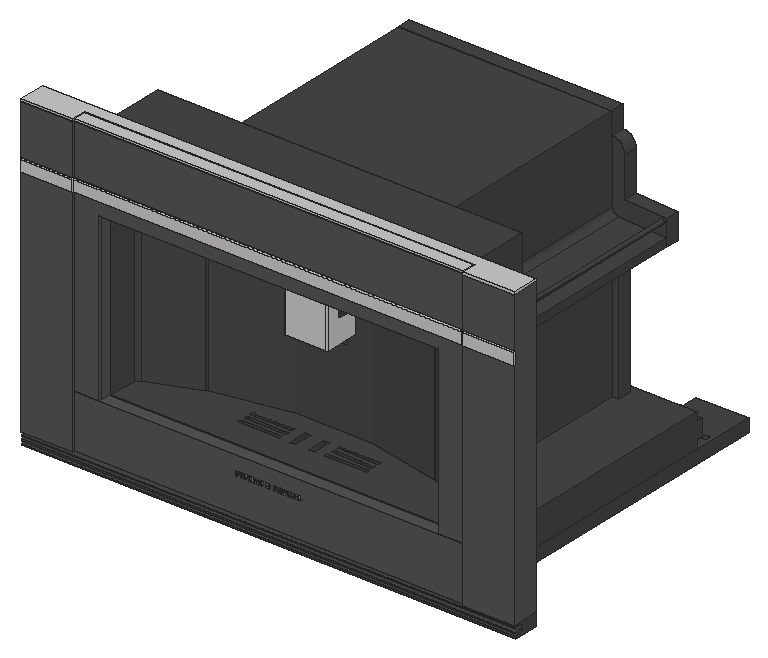
Revit family "FP_Revit_18_EB24DSXB1_TK30NDB1_Coffee_Maker_w_30in_Trimkit_90000807A", category Specialty Equipment, Revit 2018
Family settings
  Round Connector Dimension = Use Diameter
  Part Type = Normal
  OmniClass Number = 23.40.40.14.17.31
  OmniClass Title = Small Specialized Cooking Equipment
  Work Plane-Based = No
  Always vertical = Yes
  Cut with Voids When Loaded = Yes
  Shared = No
  Room Calculation Point = No
Parameters (values of type "EB24DSXB1 + TK30NDB1")
  Visibility - Clearance Required = yes
  URL = "www.fisherpaykel.com"
  Product - Width = 757 mm  # constant formula
  Product - Height = 478 mm  # constant formula
  Product - Depth = 614 mm  # constant formula
  Model = "EB24DSXB1 + TK30NDB1"
  Material - Trim = Fisher & Paykel - Stainless Steel
  Material - Glass = Fisher & Paykel - Glass, Black
  Material - Body = Fisher & Paykel - Black
  Manufacturer = "Fisher & Paykel Appliances"
  FFL Offset [instance] = 900 mm
  Description = "24\" Coffee Maker + 30\" Trimkit"
  Connector Description - Electrical = "120 V, 60 Hz, 11.25 A"
  Chassis - Width = 560 mm  # constant formula
  Chassis - Height = 446 mm  # constant formula
  Chassis - Depth = 540 mm  # constant formula
  Cavity - Width = 560 mm  # constant formula
  Cavity - Height = 480 mm  # constant formula
  Cavity - Depth = 560 mm  # constant formula
Reference planes
  plane 1 "Center (Front/Back)": y = 0
  plane 2: z = 0
  plane 3 "Center (Left/Right)": x = 0
  plane 4: z = 1380
  plane 5: z = 1378
  plane 6 "Product LHS": x = -378.5
  plane 7 "Product RHS": x = 378.5
  plane 8 "Product - Depth": y = 0
  plane 9 "Cavity LHS": x = -380
  plane 10 "Cavity RHS": x = 380
  plane 11 "Cavity - Depth": y = 560
  plane 12 "Front Face": y = -41.5
  plane 13 "Chassis - Height": z = 0
  plane 14 "Product Depth": y = 540
  plane 15 "FFL Offset": z = 900
Forms (mm)
  Extrusion 1, void
    sketch origin (0, 0, 0) x (0, 1, 0) y (0, 0, 1)
      loop
        line (-41.5, 1380) -> (-41.5, 900) -> (0, 900) -> (0, 1380) -> (-41.5, 1380)
    from -380 to 380
  Extrusion 2, void
    sketch origin (0, 0, 0) x (0, 1, 0) y (0, 0, 1)
      loop
        line (560, 1370) -> (0, 1370) -> (0, 900) -> (560, 900) -> (560, 1370)
    from -280 to 280
Text (mm)
  text "Due to ongoing product development, product details are subject to change without notice. \nPlease always refer to www.fisherpaykel.com for the most current product information. \n© Fisher & Paykel 2020" at (41.04, -413.295, 0), in view "Ref. Level (Plan)"
Dimensions and locks
  equal spacing: plane 6 "Product LHS", plane 3 "Center (Left/Right)", plane 7 "Product RHS"
  "Product - Width": plane 6 "Product LHS" to plane 7 "Product RHS"
  equal spacing: plane 9 "Cavity LHS", plane 3 "Center (Left/Right)", plane 10 "Cavity RHS"
  plane 12 "Front Face" to plane 1 "Center (Front/Back)" = 41.5 mm
  "Chassis - Depth": plane 1 "Center (Front/Back)" to plane 14 "Product Depth"
  "FFL Offset": plane 15 "FFL Offset" to level
  "Cavity - Depth": plane 1 "Center (Front/Back)" to plane 11 "Cavity - Depth"
  "Product - Height": plane 5 to plane 15 "FFL Offset"
  "Cavity - Height": plane 4 to plane 15 "FFL Offset"
  "Cavity - Width": Extrusion 2 to Extrusion 2
  locked: plane 9 "Cavity LHS" to plane 10 "Cavity RHS" at 760
  aligned and locked: level to plane 2
  aligned and locked: plane 15 "FFL Offset" to nested 2
  aligned and locked: nested 2 to plane 8 "Product - Depth"
  aligned and locked: plane 12 "Front Face" to nested 2
  aligned and locked: plane 12 "Front Face" to Extrusion 1 sketch curve
  aligned and locked: Extrusion 1 sketch curve to plane 8 "Product - Depth"
  aligned and locked: plane 15 "FFL Offset" to Extrusion 1 sketch curve
  aligned and locked: Extrusion 1 sketch curve to plane 4
  aligned and locked: Extrusion 1 to plane 10 "Cavity RHS"
  aligned and locked: plane 9 "Cavity LHS" to Extrusion 1
  aligned and locked: Extrusion 2 sketch curve to plane 8 "Product - Depth"
  aligned and locked: Extrusion 2 sketch curve to plane 15 "FFL Offset"
  aligned and locked: plane 11 "Cavity - Depth" to Extrusion 2 sketch curve
  aligned and locked: Extrusion 2 sketch curve to nested 2
Nested families
  nested 1: "FP_Revit_18_EB24DSXB1_Coffee_Maker_90000807A" at (0, -19.5, 20), FFL Offset <- "FFL Offset", type "EB24DSXB1"
    with FFL Offset 900 mm
  nested 2: "FP_Revit_18_TK30ND_Trimkits_90001187A" at (0, 0, 0), FFL Offset <- "FFL Offset", type "TK30NDB1"
    with FFL Offset 900 mm
Connectors
  electrical at (95.857, 411.31, 1063), driven by "Connector Description - Electrical"
    settings: on nested 1, index 1, voltage 120 V, apparent load 0 VA, apparent load phase1 0 VA, apparent load phase2 0 VA, apparent load phase3 0 VA, power factor 1, load classification "Other", number of poles 1, system type 30, power factor state 1, is connector primary yes, connector utility no, sub classification motor no, connector description "120 V, 60 Hz, 11.25 A"
Definition of nested family "FP_Revit_18_EB24DSXB1_Coffee_Maker_90000807A"
  Parameters (values of type "EB24DSXB1")
    Visibility - Clearance Required = yes
    URL = "www.fisherpaykel.com"
    Product - Width = 596 mm  # constant formula
    Product - Height = 458 mm  # constant formula
    Product - Depth = 480 mm  # constant formula
    Model = "EB24DSXB1"
    Material - Trim = none
    Material - Glass = none
    Material - Body = none
    Manufacturer = "Fisher & Paykel Appliances"
    FFL Offset [instance] = 860 mm
    Description = "24cm Coffee Maker"
    Connector Description - Electrical = "120 V, 60 Hz, 11.25 A"
    Chassis - Width = 560 mm  # constant formula
    Chassis - Height = 445 mm  # constant formula
    Chassis - Depth = 460 mm  # constant formula
    Cavity - Width = 600 mm  # constant formula
    Cavity - Height = 460 mm  # constant formula
    Cavity - Depth = 545 mm  # constant formula
  Types (4, lengths in mm): name | Model | Description | Connector Description - Electrical
    EB60DSXBB1 | "EB60DSXBB1" | "60cm Coffee Maker" | "220-240 V, 50 Hz, 6.1 A"
    EB60DSXB2 | "EB60DSXB2" | "60cm Coffee Maker" | "220-240 V, 50 Hz, 6.1 A"
    EB24DSXBB1 | "EB24DSXBB1" | "24cm Coffee Maker" | "120 V, 60 Hz, 11.25 A"
    EB24DSXB1 | "EB24DSXB1" | "24cm Coffee Maker" | "120 V, 60 Hz, 11.25 A"
  Reference planes
    plane 1 "Center (Front/Back)": y = 0
    plane 2: z = 0
    plane 3 "Center (Left/Right)": x = 0
    plane 4: z = 1320
    plane 5: z = 1318
    plane 6 "Product LHS": x = -298
    plane 7 "Product RHS": x = 298
    plane 8 "Cavity LHS": x = -300
    plane 9 "Cavity RHS": x = 300
    plane 10 "Cavity - Depth": y = 545
    plane 11 "Front Face": y = -20
    plane 12 "Product Depth": y = 460
    plane 13 "FFL Offset": z = 860
  Forms (mm)
    Extrusion 1, solid, material <- "Material - Glass", detail levels fine
      sketch origin (0, 0, 915) x (0, 1, 0) y (0, 0, 1)
        loop
          line (0, -54) -> (0, 400) -> (-18.19, 400)
          arc (-18.19, 400) -> (-19.179, 399.792) -> (-20, 399.202) r 2.451
          line (-20, 399.202) -> (-20, 28.9) -> (-13, 28.9) -> (-13, 27.85) -> (-20, 27.85) -> (-20, -54) -> (0, -54)
      from -298 to 298
    Extrusion 2, solid, material <- "Material - Trim", detail levels fine
      sketch origin (0, 0, 0) x (0, 1, 0) y (0, 0, 1)
        loop
          line (0, 1318) -> (-20, 1318) -> (-20, 1315) -> (0, 1315) -> (0, 1318)
      from -298 to 298
    Extrusion 3, solid, material <- "Material - Trim", detail levels fine
      sketch origin (0, 0, 915) x (0, 1, 0) y (0, 0, 1)
        loop
          line (-20, 303) -> (-20, 322.8) -> (-20.827, 322.8) -> (-21.702, 320.52) -> (-21.702, 303) -> (-20, 303)
      from -298 to 298
    Extrusion 4, solid, material <- "Material - Body"
      sketch origin (0, 0, 0) x (0, 1, 0) y (0, 0, 1)
        loop
          line (116.01, 911.9) -> (116.01, 1305) -> (0, 1305) -> (0, 860) -> (450.02, 860) -> (450.02, 872.9) -> (460, 872.9) -> (460, 898.96) -> (450.02, 898.96) -> (450.02, 911.9) -> (116.01, 911.9)
      from -280 to 280
    Extrusion 5, solid, material <- "Material - Body", detail levels fine
      sketch origin (0, 0, 915) x (1, 0, 0) y (0, 0, 1)
        loop
          circle (255.488, 264.858) r 3
        loop
          arc (187.564, 248.08) -> (180.801, 250.881) -> (178, 257.644) r 9.564
          line (178, 257.644) -> (178, 390) -> (-150, 390) -> (-150, 258.403)
          arc (-150, 258.403) -> (-152.821, 251.442) -> (-159.691, 248.408) r 10
          line (-159.691, 248.408) -> (-261.967, 245.247) -> (-261.967, 232.285) -> (-159.605, 228.24)
          arc (-159.605, 228.24) -> (-152.791, 225.178) -> (-150, 218.248) r 10
          line (-150, 218.248) -> (-150, -3.1) -> (178, -3.1) -> (178, 219.061)
          arc (178, 219.061) -> (180.801, 225.824) -> (187.564, 228.625) r 9.564
          line (187.564, 228.625) -> (261.48, 231.852) -> (261.48, 244.856) -> (187.564, 248.08)
        loop
          circle (-255.488, 265.27) r 3
      from -415.81 to -116.01
    Extrusion 6, solid, material <- "Material - Body", detail levels fine
      sketch origin (0, 0, 0) x (1, 0, 0) y (0, 0, 1)
        loop
          line (261.48, 1185.549) -> (197.977, 1189.414) -> (197.977, 1250.8)
          arc (197.977, 1250.8) -> (192.126, 1264.926) -> (178, 1270.777) r 19.977
          line (178, 1270.777) -> (178, 1305) -> (-150.023, 1305) -> (-150.023, 1270.366)
          arc (-150.023, 1270.366) -> (-164.149, 1264.514) -> (-170, 1250.389) r 19.977
          line (-170, 1250.389) -> (-170, 1189.558) -> (-261.967, 1185.943) -> (-261.967, 1147.299) -> (-170, 1143.699) -> (-170, 860) -> (-120, 860) -> (-120, 1262.538) -> (145.224, 1262.538) -> (145.224, 911.9) -> (188.072, 911.9) -> (188.072, 1143.699) -> (261.48, 1146.905) -> (261.48, 1185.549)
      from -436.81 to -415.81
    Extrusion 7, void
      sketch origin (0, 0, 0) x (1, 0, 0) y (0, 1, 0)
        loop
          line (-261, -20.25) -> (261, -20.25) -> (261, -16.15) -> (258.097, 43.307)
          arc (258.097, 43.307) -> (256.532, 47.844) -> (252.912, 50.994) r 9.287
          arc (252.912, 50.994) -> (215.2, 66.982) -> (176.484, 80.359) r 600.007
          line (176.484, 80.359) -> (176.484, 87.818) -> (173.853, 87.818) -> (173.853, 81.162)
          arc (173.853, 81.162) -> (0, 106.902) -> (-173.853, 81.162) r 600.007
          line (-173.853, 81.162) -> (-173.853, 87.818) -> (-176.484, 87.818) -> (-176.484, 80.359)
          arc (-176.484, 80.359) -> (-215.2, 66.982) -> (-252.912, 50.994) r 600.007
          arc (-252.912, 50.994) -> (-256.532, 47.844) -> (-258.097, 43.307) r 9.287
          line (-258.097, 43.307) -> (-261, -16.15) -> (-261, -20.25)
      from 942.8 to 1197.8
    Extrusion 8, void
      sketch origin (0, 0, 0) x (1, 0, 0) y (0, 1, 0)
        loop
          arc (-96.162, 73.7) -> (-99.162, 70.7) -> (-96.162, 67.7) r 3
          line (-96.162, 67.7) -> (-36.788, 67.7)
          arc (-36.788, 67.7) -> (-33.788, 70.7) -> (-36.788, 73.7) r 3
          line (-36.788, 73.7) -> (-96.162, 73.7)
        loop
          arc (-96.162, 61.7) -> (-99.162, 58.7) -> (-96.162, 55.7) r 3
          line (-96.162, 55.7) -> (-36.788, 55.7)
          arc (-36.788, 55.7) -> (-33.788, 58.7) -> (-36.788, 61.7) r 3
          line (-36.788, 61.7) -> (-96.162, 61.7)
        loop
          arc (-96.162, 49.7) -> (-99.162, 46.7) -> (-96.162, 43.7) r 3
          line (-96.162, 43.7) -> (-36.788, 43.7)
          arc (-36.788, 43.7) -> (-33.788, 46.7) -> (-36.788, 49.7) r 3
          line (-36.788, 49.7) -> (-96.162, 49.7)
        loop
          line (-19.49, 73.102) -> (-19.49, 44.102) -> (-10.49, 44.102) -> (-10.49, 73.102) -> (-19.49, 73.102)
        loop
          line (96.162, 73.7) -> (36.788, 73.7)
          arc (36.788, 73.7) -> (33.788, 70.7) -> (36.788, 67.7) r 3
          line (36.788, 67.7) -> (96.162, 67.7)
          arc (96.162, 67.7) -> (99.162, 70.7) -> (96.162, 73.7) r 3
        loop
          line (96.162, 61.7) -> (36.788, 61.7)
          arc (36.788, 61.7) -> (33.788, 58.7) -> (36.788, 55.7) r 3
          line (36.788, 55.7) -> (96.162, 55.7)
          arc (96.162, 55.7) -> (99.162, 58.7) -> (96.162, 61.7) r 3
        loop
          line (96.162, 49.7) -> (36.788, 49.7)
          arc (36.788, 49.7) -> (33.788, 46.7) -> (36.788, 43.7) r 3
          line (36.788, 43.7) -> (96.162, 43.7)
          arc (96.162, 43.7) -> (99.162, 46.7) -> (96.162, 49.7) r 3
        loop
          line (19.49, 73.102) -> (10.49, 73.102) -> (10.49, 44.102) -> (19.49, 44.102) -> (19.49, 73.102)
      from 932.9 to 942.8
    Extrusion 9, solid, material <- "Material - Body"
      sketch origin (0, 0, 0) x (1, 0, 0) y (0, 1, 0)
        loop
          line (-238.877, 57.3) -> (238.036, 57.3) -> (238.036, 116.01) -> (-238.877, 116.01) -> (-238.877, 57.3)
      from 1171.8 to 1197.8
    Extrusion 10, solid, material <- "Material - Trim"
      sketch origin (0, 0, 0) x (1, 0, 0) y (0, 1, 0)
        loop
          line (-33, 105.99) -> (-33, 52.807)
          arc (-33, 52.807) -> (-32.412, 51.388) -> (-30.993, 50.8) r 2.007
          line (-30.993, 50.8) -> (31, 50.8)
          arc (31, 50.8) -> (32.414, 51.386) -> (33, 52.8) r 2
          line (33, 52.8) -> (33, 105.99) -> (-33, 105.99)
      from 1083.8 to 1183.5
    Extrusion 11, void
      sketch origin (0, 0, 0) x (1, 0, 0) y (0, 0, 1)
        loop
          line (-19.5, 1083.8) -> (-19.5, 1061.827) -> (19.5, 1061.827) -> (19.5, 1083.8) -> (-19.5, 1083.8)
      from -115 to -105
    Extrusion 12, solid, material <- "Material - Body", detail levels fine
      sketch origin (0, 0, 0) x (1, 0, 0) y (0, 0, 1)
        loop
          line (45.9, 1172.885) -> (45.9, 1163.535) -> (47.549, 1163.535) -> (47.549, 1147.911)
          arc (47.549, 1147.911) -> (55.35, 1140.11) -> (63.15, 1147.911) r 7.801
          line (63.15, 1147.911) -> (63.15, 1163.235) -> (73.436, 1163.235) -> (73.436, 1172.885) -> (45.9, 1172.885)
      from -106.934 to -61.01
    Extrusion 13, solid, material <- "Material - Body", detail levels fine
      sketch origin (0, 0, 915) x (1, 0, 0) y (0, 0, 1)
        loop
          line (53.653, 257.885) -> (53.653, 225.297)
          arc (53.653, 225.297) -> (55.35, 225.11) -> (57.047, 225.297) r 7.805
          line (57.047, 225.297) -> (57.047, 257.885) -> (53.653, 257.885)
      from -61.01 to -47.51
    Extrusion 14, solid, material <- "Material - Body", detail levels fine
      sketch origin (0, 0, 915) x (1, 0, 0) y (0, 0, 1)
        loop
          line (115.224, 76.056) -> (75.224, 76.056) -> (75.224, 21.056) -> (115.224, 21.056) -> (115.224, 76.056)
      from -417 to -415.81
    Extrusion 15, solid, material <- "Material - Body", detail levels fine
      sketch origin (0, 0, 915) x (1, 0, 0) y (0, 0, 1)
        loop
          line (107.224, 68.056) -> (83.224, 68.056) -> (83.224, 29.056) -> (107.224, 29.056) -> (107.224, 68.056)
      from -436.81 to -417
    Extrusion 16, solid, material <- "Material - Body", detail levels fine
      sketch origin (0, 0, 0) x (1, 0, 0) y (0, 1, 0)
        loop
          circle (95.857, 430.81) r 5
      from 983.056 to 1003
    Extrusion 17, void
      sketch origin (0, 0, 915) x (0, 1, 0) y (0, 0, 1)
        loop
          line (445.9, -19.903) -> (0, -19.903) -> (0, -55) -> (445.9, -55) -> (445.9, -19.903)
      from -54 to 54
    Extrusion 18, solid, detail levels fine
      sketch origin (0, 0, 0) x (1, 0, 0) y (0, 1, 0)
        loop
          line (-210.55, 31.63) -> (-210.55, 5.8) -> (-193.27, 5.8) -> (-193.27, 31.63) -> (-210.55, 31.63)
        loop
          line (-203.25, 13.924) -> (-203.25, 14.725)
          arc (-203.25, 14.725) -> (-201.75, 22.856) -> (-200.25, 14.725) r 4.204
          line (-200.25, 14.725) -> (-200.25, 13.924)
          arc (-200.25, 13.924) -> (-201.75, 23.687) -> (-203.25, 13.924) r 4.997
        loop
          line (-202.15, 17.61) -> (-202.15, 12.8) -> (-201.35, 12.8) -> (-201.35, 17.61) -> (-202.15, 17.61)
      from 1196.9 to 1197.8
    Extrusion 19, solid, visible <- "Visibility - Clearance Required", detail levels coarse
      sketch origin (0, 0, 0) x (1, 0, 0) y (0, 1, 0)
        loop
          line (-300, 0) -> (-300, -20) -> (300, -20) -> (300, 0) -> (-300, 0)
      from 860 to 1320
    Extrusion 20, solid, visible <- "Visibility - Clearance Required", detail levels coarse
      sketch origin (0, 0, 0) x (1, 0, 0) y (0, 1, 0)
        loop
          line (-280, 0) -> (280, 0) -> (280, 545) -> (-280, 545) -> (-280, 0)
      from 860 to 1310
    Extrusion 21, solid, material <- "Material - Body", detail levels coarse+medium
      sketch origin (0, -20, 915) x (-1, 0, 0) y (0, 0, 1)
        loop
          line (-197.977, 274.414) -> (-261.48, 274.414) -> (-261.48, 228.699) -> (-188.072, 228.699) -> (-188.072, -3.1) -> (170, -3.1) -> (170, 228.699) -> (261.967, 228.699) -> (261.967, 274.558) -> (170, 274.558) -> (170, 390.05) -> (-197.977, 390.05) -> (-197.977, 274.414)
      from 136.01 to 456.81
    Extrusion 22, solid, material <- "Material - Glass", detail levels coarse+medium
      sketch origin (0, 0, 915) x (1, 0, 0) y (0, 0, 1)
        loop
          line (-298, -54) -> (298, -54) -> (298, 403) -> (-298, 403) -> (-298, -54)
        loop
          line (261, 282.85) -> (-261, 282.85) -> (-261, 27.85) -> (261, 27.85) -> (261, 282.85)
      from 0 to 20
    Extrusion 23, void
      sketch origin (0, 0, 0) x (1, 0, 0) y (0, 1, 0)
        loop
          line (-280, 545) -> (-280, 0) -> (280, 0) -> (280, 545) -> (-280, 545)
      from 860 to 1310
    Extrusion 24, void
      sketch origin (0, 0, 0) x (1, 0, 0) y (0, 1, 0)
        loop
          line (-300, 0) -> (-300, -20) -> (300, -20) -> (300, 0) -> (-300, 0)
      from 860 to 1320
  Cuts and joins
    Extrusion 7 cuts Extrusion 1
    Extrusion 7, Extrusion 8, Extrusion 11, Extrusion 17 cuts Extrusion 4
    joined: Extrusion 4, Extrusion 9
  Lines and regions (mm)
    model lines, detail levels medium+fine
      curve 1: line (-47, -20, 1293.952) -> (47, -20, 1293.952)
      curve 2: line (-47, -20, 1240.952) -> (-47, -20, 1293.952)
      curve 3: line (47, -20, 1240.952) -> (-47, -20, 1240.952)
      curve 4: line (47, -20, 1293.952) -> (47, -20, 1240.952)
  Text (mm)
    text "Due to ongoing product development, product details are subject to change without notice. \nPlease always refer to www.fisherpaykel.com for the most current product information. \n© Fisher & Paykel 2020" at (41.04, -248.295, 0), in view "Ref. Level (Plan)"
  Dimensions and locks
    equal spacing: plane 6 "Product LHS", plane 3 "Center (Left/Right)", plane 7 "Product RHS"
    "Product - Width": plane 6 "Product LHS" to plane 7 "Product RHS"
    equal spacing: plane 8 "Cavity LHS", plane 3 "Center (Left/Right)", plane 9 "Cavity RHS"
    "Cavity - Width": plane 8 "Cavity LHS" to plane 9 "Cavity RHS"
    "Cavity - Depth": plane 10 "Cavity - Depth" to plane 1 "Center (Front/Back)"
    plane 11 "Front Face" to plane 1 "Center (Front/Back)" = 20 mm
    "Chassis - Depth": plane 1 "Center (Front/Back)" to plane 12 "Product Depth"
    "Product - Depth": plane 12 "Product Depth" to plane 11 "Front Face"
    "Chassis - Width": cut or joined group of Extrusion 4, Extrusion 7, Extrusion 8, Extrusion 9, Extrusion 11, Extrusion 17 to cut or joined group of Extrusion 4, Extrusion 7, Extrusion 8, Extrusion 9, Extrusion 11, Extrusion 17
    "FFL Offset": plane 13 "FFL Offset" to level
    "Chassis - Height": cut or joined group of Extrusion 4, Extrusion 7, Extrusion 8, Extrusion 9, Extrusion 11, Extrusion 17 to plane 13 "FFL Offset"
    "Product - Height": plane 5 to plane 13 "FFL Offset"
    "Cavity - Height": plane 4 to plane 13 "FFL Offset"
    locked: Extrusion 23 to plane 13 "FFL Offset" at 450
    locked: plane 5 to Extrusion 21 at 12.95
    locked: Extrusion 3 to plane 13 "FFL Offset" at 358
    locked: plane 13 "FFL Offset" to cut or joined group of Extrusion 1, Extrusion 7 at 1
    locked: plane 13 "FFL Offset" to cut or joined group of Extrusion 4, Extrusion 7, Extrusion 8, Extrusion 9, Extrusion 11, Extrusion 17 at 82.8
    locked: plane 13 "FFL Offset" to Extrusion 22 sketch curve at 337.85
    locked: cut or joined group of Extrusion 4, Extrusion 7, Extrusion 8, Extrusion 9, Extrusion 11, Extrusion 17 to plane 13 "FFL Offset" at 337.8
    locked: cut or joined group of Extrusion 4, Extrusion 7, Extrusion 8, Extrusion 9, Extrusion 11, Extrusion 17 to plane 13 "FFL Offset" at 51.9
    locked: plane 5 to Extrusion 3 at 100
    locked: plane 5 to Extrusion 22 at 120.15
    locked: plane 5 to Extrusion 22 at 375.15
    locked: Extrusion 16 to plane 13 "FFL Offset" at 143
    locked: cut or joined group of Extrusion 4, Extrusion 7, Extrusion 8, Extrusion 9, Extrusion 11, Extrusion 17 to cut or joined group of Extrusion 4, Extrusion 7, Extrusion 8, Extrusion 9, Extrusion 11, Extrusion 17 at 9.9
    locked: nested 1 to plane 13 "FFL Offset" at 61.04
    locked: Extrusion 10 to plane 13 "FFL Offset" at 323.5
    locked: Extrusion 10 to plane 13 "FFL Offset" at 223.8
    locked: cut or joined group of Extrusion 4, Extrusion 7, Extrusion 8, Extrusion 9, Extrusion 11, Extrusion 17 to plane 13 "FFL Offset" at 201.827
    locked: cut or joined group of Extrusion 4, Extrusion 7, Extrusion 8, Extrusion 9, Extrusion 11, Extrusion 17 to plane 13 "FFL Offset" at 311.8
    locked: Extrusion 12 to plane 13 "FFL Offset" at 312.885
    locked: Extrusion 22 to Extrusion 18 at 0.95
    locked: plane 5 to Extrusion 23 at 8
    locked: Extrusion 17 sketch curve to plane 13 "FFL Offset" at 35.097
    plane 5 to curve 3 = 77.048 mm
    locked: plane 5 to curve 1 at 24.048
    locked: Extrusion 15 to plane 13 "FFL Offset" at 84.056
    locked: Extrusion 15 to plane 13 "FFL Offset" at 123.056
    locked: plane 5 to curve 3 at 77.048
    aligned and locked: level to plane 2
    aligned and locked: Extrusion 3 to plane 7 "Product RHS"
    aligned and locked: plane 6 "Product LHS" to Extrusion 3
    aligned and locked: Extrusion 2 to plane 7 "Product RHS"
    aligned and locked: plane 6 "Product LHS" to Extrusion 2
    aligned and locked: plane 6 "Product LHS" to Extrusion 1
    aligned and locked: Extrusion 1 to plane 7 "Product RHS"
    aligned and locked: plane 9 "Cavity RHS" to Extrusion 19 sketch curve
    aligned and locked: Extrusion 19 sketch curve to plane 8 "Cavity LHS"
    aligned and locked: plane 1 "Center (Front/Back)" to Extrusion 19 sketch curve
    aligned and locked: Extrusion 5 to cut or joined group of Extrusion 4, Extrusion 7, Extrusion 8, Extrusion 9, Extrusion 11, Extrusion 17
    aligned and locked: Extrusion 5 to Extrusion 4
    aligned and locked: Extrusion 6 to Extrusion 5
    aligned and locked: plane 4 to Extrusion 24
    aligned and locked: plane 5 to Extrusion 2
    aligned and locked: Extrusion 24 to Extrusion 19
    aligned and locked: plane 5 to Extrusion 22 sketch curve
    aligned and locked: Extrusion 21 to Extrusion 5
    aligned and locked: Extrusion 5 to Extrusion 6
    aligned and locked: Extrusion 8 to Extrusion 7
    aligned and locked: Extrusion 11 to Extrusion 10
    aligned and locked: cut or joined group of Extrusion 1, Extrusion 7 to Extrusion 18
    aligned and locked: Extrusion 19 to Extrusion 17
    aligned and locked: plane 13 "FFL Offset" to Extrusion 4 sketch curve
    aligned and locked: Extrusion 4 to Extrusion 17
    aligned and locked: Extrusion 23 to cut or joined group of Extrusion 4, Extrusion 7, Extrusion 8, Extrusion 9, Extrusion 11, Extrusion 17
    aligned and locked: cut or joined group of Extrusion 4, Extrusion 7, Extrusion 8, Extrusion 9, Extrusion 11, Extrusion 17 to Extrusion 6
    aligned and locked: Extrusion 24 to cut or joined group of Extrusion 4, Extrusion 7, Extrusion 8, Extrusion 9, Extrusion 11, Extrusion 17
    aligned and locked: Extrusion 20 to Extrusion 23
    aligned and locked: Extrusion 20 to Extrusion 6
    aligned and locked: Extrusion 7 to Extrusion 9
    aligned and locked: Extrusion 16 to Extrusion 15
  Automatic sketch dimensions
    Extrusion 3 sketch curve to Extrusion 3 sketch curve = 17.52 mm
    Extrusion 3 sketch curve to Extrusion 3 sketch curve = 0.875 mm
    Extrusion 3 sketch curve to Extrusion 3 sketch curve = 0.827 mm
    Extrusion 3 sketch curve to Extrusion 3 sketch curve = 2.28 mm
    Extrusion 7 sketch curve to Extrusion 7 sketch curve = 0 mm  (x4)
    Extrusion 7 sketch curve to plane 3 "Center (Left/Right)" = 0 mm
    Extrusion 7 sketch curve to plane 6 "Product LHS" = 124.147 mm
    Extrusion 7 sketch curve to Extrusion 7 sketch curve = 2.63 mm  (x2)
    Extrusion 7 sketch curve to plane 6 "Product LHS" = 49.167 mm
    Extrusion 7 sketch curve to Extrusion 7 sketch curve = 9.264 mm  (x2)
    Extrusion 7 sketch curve to plane 6 "Product LHS" = 37 mm
    plane 7 "Product RHS" to Extrusion 7 sketch curve = 124.147 mm
    plane 7 "Product RHS" to Extrusion 7 sketch curve = 49.167 mm
    plane 1 "Center (Front/Back)" to Extrusion 7 sketch curve = 16.15 mm
    plane 7 "Product RHS" to Extrusion 7 sketch curve = 37 mm
    plane 1 "Center (Front/Back)" to Extrusion 7 sketch curve = 493.105 mm
    Extrusion 7 sketch curve to plane 1 "Center (Front/Back)" = 42.65 mm  (x2)
    Extrusion 7 sketch curve to Extrusion 7 sketch curve = 0.657 mm  (x2)
    Extrusion 7 sketch curve to plane 1 "Center (Front/Back)" = 80.359 mm  (x2)
    Extrusion 7 sketch curve to Extrusion 7 sketch curve = 0.803 mm
    Extrusion 7 sketch curve to Extrusion 7 sketch curve = 6.656 mm  (x2)
    Extrusion 7 sketch curve to Extrusion 7 sketch curve = 4.1 mm  (x2)
    Extrusion 8 sketch curve to plane 3 "Center (Left/Right)" = 96.162 mm
    Extrusion 8 sketch curve to Extrusion 8 sketch curve = 0 mm  (x9)
    Extrusion 8 sketch curve to plane 3 "Center (Left/Right)" = 36.788 mm
    Extrusion 8 sketch curve to Extrusion 8 sketch curve = 17.298 mm  (x3)
    Extrusion 8 sketch curve to Extrusion 8 sketch curve = 9 mm  (x2)
    plane 3 "Center (Left/Right)" to Extrusion 8 sketch curve = 10.49 mm
    Extrusion 8 sketch curve to Extrusion 8 sketch curve = 59.375 mm
    Extrusion 8 sketch curve to plane 1 "Center (Front/Back)" = 43.7 mm  (x2)
    Extrusion 8 sketch curve to Extrusion 8 sketch curve = 0.402 mm
    Extrusion 8 sketch curve to Extrusion 8 sketch curve = 3 mm  (x6)
    Extrusion 8 sketch curve to Extrusion 8 sketch curve = 6 mm  (x4)
    Extrusion 8 sketch curve to Extrusion 8 sketch curve = 0.598 mm
    Extrusion 10 sketch curve to Extrusion 10 sketch curve = 2.007 mm
    Extrusion 10 sketch curve to Extrusion 10 sketch curve = 53.19 mm
    Extrusion 11 sketch curve to plane 3 "Center (Left/Right)" = 19.5 mm
    plane 3 "Center (Left/Right)" to Extrusion 11 sketch curve = 19.5 mm
    level to Extrusion 11 sketch curve = 1061.827 mm
    Extrusion 11 sketch curve to Extrusion 11 sketch curve = 21.973 mm
    Extrusion 12 sketch curve to Extrusion 12 sketch curve = 1.649 mm
    Extrusion 12 sketch curve to Extrusion 12 sketch curve = 7.801 mm
    Extrusion 12 sketch curve to Extrusion 12 sketch curve = 10.286 mm
    Extrusion 12 sketch curve to Extrusion 12 sketch curve = 15.324 mm
    Extrusion 12 sketch curve to Extrusion 12 sketch curve = 0.3 mm
    Extrusion 12 sketch curve to Extrusion 12 sketch curve = 9.35 mm
    Extrusion 13 sketch curve to Extrusion 13 sketch curve = 1.697 mm
    Extrusion 13 sketch curve to Extrusion 13 sketch curve = 7.618 mm
    Extrusion 13 sketch curve to Extrusion 13 sketch curve = 24.97 mm
    Extrusion 13 sketch curve to Extrusion 13 sketch curve = 3.394 mm
    Extrusion 14 sketch curve to Extrusion 14 sketch curve = 40 mm
    Extrusion 14 sketch curve to Extrusion 14 sketch curve = 55 mm
    Extrusion 15 sketch curve to Extrusion 15 sketch curve = 24 mm
    Extrusion 15 sketch curve to Extrusion 15 sketch curve = 39 mm
    level to Extrusion 17 sketch curve = 860 mm
    Extrusion 17 sketch curve to plane 1 "Center (Front/Back)" = 0 mm
    Extrusion 18 sketch curve to Extrusion 18 sketch curve = 7.3 mm
    Extrusion 18 sketch curve to Extrusion 18 sketch curve = 1.1 mm  (x2)
    Extrusion 18 sketch curve to Extrusion 18 sketch curve = 0.4 mm
    Extrusion 18 sketch curve to Extrusion 18 sketch curve = 0 mm
    Extrusion 18 sketch curve to Extrusion 18 sketch curve = 0.8 mm
    Extrusion 18 sketch curve to Extrusion 18 sketch curve = 8.08 mm
    Extrusion 18 sketch curve to Extrusion 18 sketch curve = 7 mm
    Extrusion 18 sketch curve to Extrusion 18 sketch curve = 1.124 mm
    Extrusion 18 sketch curve to Extrusion 18 sketch curve = 0.801 mm
    Extrusion 18 sketch curve to Extrusion 18 sketch curve = 2.885 mm
    Extrusion 18 sketch curve to Extrusion 18 sketch curve = 1.042 mm
    Extrusion 18 sketch curve to Extrusion 18 sketch curve = 0.038 mm
    Extrusion 18 sketch curve to Extrusion 18 sketch curve = 12.94 mm
    Extrusion 9 sketch curve to plane 6 "Product LHS" = 59.123 mm
    Extrusion 9 sketch curve to plane 1 "Center (Front/Back)" = 57.3 mm
    plane 7 "Product RHS" to Extrusion 9 sketch curve = 59.964 mm
    Extrusion 9 sketch curve to Extrusion 9 sketch curve = 58.71 mm
    plane 1 "Center (Front/Back)" to Extrusion 19 sketch curve = 20 mm
    Extrusion 17 sketch curve to plane 10 "Cavity - Depth" = 99.1 mm
    Extrusion 6 sketch curve to plane 6 "Product LHS" = 36.033 mm
    level to Extrusion 6 sketch curve = 860 mm
    Extrusion 6 sketch curve to plane 6 "Product LHS" = 128 mm
    Extrusion 6 sketch curve to Extrusion 6 sketch curve = 0 mm
    Extrusion 6 sketch curve to Extrusion 6 sketch curve = 19.977 mm
    Extrusion 6 sketch curve to Extrusion 6 sketch curve = 30.023 mm
    level to Extrusion 6 sketch curve = 911.9 mm
    plane 3 "Center (Left/Right)" to Extrusion 6 sketch curve = 145.224 mm
    Extrusion 6 sketch curve to plane 5 = 13 mm
    Extrusion 6 sketch curve to Extrusion 6 sketch curve = 32.776 mm
    Extrusion 6 sketch curve to Extrusion 6 sketch curve = 10.072 mm
    Extrusion 6 sketch curve to Extrusion 6 sketch curve = 9.905 mm
    plane 7 "Product RHS" to Extrusion 6 sketch curve = 36.52 mm
    Extrusion 6 sketch curve to Extrusion 6 sketch curve = 161.301 mm  (x2)
    Extrusion 6 sketch curve to Extrusion 6 sketch curve = 3.205 mm
    Extrusion 6 sketch curve to Extrusion 6 sketch curve = 3.6 mm
    Extrusion 6 sketch curve to Extrusion 6 sketch curve = 38.645 mm
    Extrusion 6 sketch curve to Extrusion 6 sketch curve = 38.644 mm
    Extrusion 6 sketch curve to Extrusion 6 sketch curve = 45.715 mm
    Extrusion 6 sketch curve to Extrusion 6 sketch curve = 45.858 mm
    Extrusion 6 sketch curve to Extrusion 6 sketch curve = 54.611 mm
    Extrusion 6 sketch curve to Extrusion 6 sketch curve = 54.2 mm
    Extrusion 6 sketch curve to Extrusion 6 sketch curve = 7.828 mm
    Extrusion 5 sketch curve to plane 6 "Product LHS" = 36.033 mm
    Extrusion 5 sketch curve to Extrusion 5 sketch curve = 6.478 mm
    Extrusion 5 sketch curve to Extrusion 5 sketch curve = 95.488 mm
    Extrusion 5 sketch curve to Extrusion 5 sketch curve = 0.309 mm  (x2)
    Extrusion 5 sketch curve to Extrusion 5 sketch curve = 0.395 mm
    Extrusion 5 sketch curve to Extrusion 5 sketch curve = 10 mm  (x2)
    plane 7 "Product RHS" to Extrusion 5 sketch curve = 120 mm  (x2)
    Extrusion 5 sketch curve to plane 5 = 13 mm
    Extrusion 5 sketch curve to Extrusion 5 sketch curve = 9.564 mm  (x2)
    plane 7 "Product RHS" to Extrusion 5 sketch curve = 42.512 mm
    Extrusion 5 sketch curve to Extrusion 5 sketch curve = 5.992 mm
    Extrusion 5 sketch curve to Extrusion 5 sketch curve = 171.752 mm
    Extrusion 5 sketch curve to Extrusion 5 sketch curve = 170.939 mm
    Extrusion 5 sketch curve to Extrusion 5 sketch curve = 3.227 mm
    Extrusion 5 sketch curve to Extrusion 5 sketch curve = 4.045 mm
    Extrusion 5 sketch curve to Extrusion 5 sketch curve = 13.004 mm
    Extrusion 5 sketch curve to Extrusion 5 sketch curve = 12.962 mm
    Extrusion 5 sketch curve to Extrusion 5 sketch curve = 20.168 mm
    Extrusion 5 sketch curve to Extrusion 5 sketch curve = 19.455 mm
    Extrusion 5 sketch curve to Extrusion 5 sketch curve = 20.001 mm
    Extrusion 5 sketch curve to Extrusion 5 sketch curve = 20.023 mm
    Extrusion 20 sketch curve to plane 10 "Cavity - Depth" = 0 mm
    plane 1 "Center (Front/Back)" to Extrusion 20 sketch curve = 0 mm
    Extrusion 20 sketch curve to plane 6 "Product LHS" = 18 mm
    plane 7 "Product RHS" to Extrusion 20 sketch curve = 18 mm
    level to Extrusion 5 sketch curve = 911.9 mm
    Extrusion 21 sketch curve to plane 5 = 12.95 mm
    plane 7 "Product RHS" to Extrusion 21 sketch curve = 100.023 mm
    Extrusion 21 sketch curve to Extrusion 21 sketch curve = 9.905 mm
    level to Extrusion 21 sketch curve = 911.9 mm
    Extrusion 21 sketch curve to plane 6 "Product LHS" = 128 mm  (x2)
    Extrusion 21 sketch curve to plane 6 "Product LHS" = 36.033 mm
    Extrusion 21 sketch curve to Extrusion 21 sketch curve = 161.351 mm  (x2)
    Extrusion 21 sketch curve to Extrusion 21 sketch curve = 45.858 mm
    plane 7 "Product RHS" to Extrusion 21 sketch curve = 36.52 mm
    Extrusion 21 sketch curve to Extrusion 21 sketch curve = 45.715 mm
    Extrusion 1 sketch curve to plane 11 "Front Face" = 0 mm  (x2)
    Extrusion 1 sketch curve to plane 1 "Center (Front/Back)" = 0 mm
    plane 11 "Front Face" to Extrusion 1 sketch curve = 1.81 mm
    plane 11 "Front Face" to Extrusion 1 sketch curve = 7 mm
    level to Extrusion 1 sketch curve = 861 mm
    Extrusion 1 sketch curve to Extrusion 1 sketch curve = 81.85 mm
    Extrusion 1 sketch curve to Extrusion 1 sketch curve = 1.05 mm
    Extrusion 1 sketch curve to plane 5 = 3 mm
    Extrusion 1 sketch curve to Extrusion 1 sketch curve = 2.451 mm
    Extrusion 23 sketch curve to plane 1 "Center (Front/Back)" = 0 mm
    plane 10 "Cavity - Depth" to Extrusion 23 sketch curve = 0 mm
    Extrusion 23 sketch curve to plane 6 "Product LHS" = 18 mm
    plane 7 "Product RHS" to Extrusion 23 sketch curve = 18 mm
    Extrusion 24 sketch curve to plane 8 "Cavity LHS" = 0 mm
    Extrusion 24 sketch curve to plane 9 "Cavity RHS" = 0 mm
    Extrusion 24 sketch curve to plane 1 "Center (Front/Back)" = 0 mm
    Extrusion 24 sketch curve to plane 11 "Front Face" = 0 mm
    Extrusion 2 sketch curve to plane 11 "Front Face" = 0 mm
    Extrusion 2 sketch curve to plane 1 "Center (Front/Back)" = 0 mm
    plane 13 "FFL Offset" to Extrusion 2 sketch curve = 455 mm
    Extrusion 2 sketch curve to Extrusion 2 sketch curve = 3 mm
    Extrusion 10 sketch curve to Extrusion 10 sketch curve = 61.993 mm
    Extrusion 10 sketch curve to Extrusion 10 sketch curve = 2 mm
    plane 6 "Product LHS" to Extrusion 22 sketch curve = 0 mm
    plane 7 "Product RHS" to Extrusion 22 sketch curve = 0 mm
    Extrusion 22 sketch curve to plane 6 "Product LHS" = 37 mm
    plane 7 "Product RHS" to Extrusion 22 sketch curve = 37 mm
    plane 13 "FFL Offset" to Extrusion 22 sketch curve = 82.85 mm
    plane 13 "FFL Offset" to Extrusion 22 sketch curve = 1 mm
    Extrusion 3 sketch curve to plane 11 "Front Face" = 0 mm
    Extrusion 3 sketch curve to plane 5 = 100 mm
    Extrusion 10 sketch curve to plane 3 "Center (Left/Right)" = 33 mm
    Extrusion 10 sketch curve to plane 1 "Center (Front/Back)" = 50.8 mm
    plane 3 "Center (Left/Right)" to Extrusion 12 sketch curve = 45.9 mm
    Extrusion 12 sketch curve to plane 5 = 170.089 mm
    plane 3 "Center (Left/Right)" to Extrusion 13 sketch curve = 53.653 mm
    Extrusion 13 sketch curve to plane 5 = 177.703 mm
    plane 3 "Center (Left/Right)" to Extrusion 14 sketch curve = 75.224 mm
    plane 13 "FFL Offset" to Extrusion 14 sketch curve = 76.056 mm
    plane 3 "Center (Left/Right)" to Extrusion 15 sketch curve = 83.224 mm
    plane 13 "FFL Offset" to Extrusion 15 sketch curve = 84.056 mm
    Extrusion 16 sketch curve to plane 12 "Product Depth" = 29.19 mm
    plane 3 "Center (Left/Right)" to Extrusion 16 sketch curve = 95.857 mm
    Extrusion 18 sketch curve to plane 1 "Center (Front/Back)" = 5.8 mm
    Extrusion 18 sketch curve to plane 6 "Product LHS" = 87.45 mm
    Extrusion 4 sketch curve to plane 1 "Center (Front/Back)" = 0 mm
    Extrusion 4 sketch curve to plane 12 "Product Depth" = 0 mm
    Extrusion 4 sketch curve to plane 5 = 13 mm
    Extrusion 4 sketch curve to plane 1 "Center (Front/Back)" = 116.01 mm
    Extrusion 4 sketch curve to plane 12 "Product Depth" = 9.98 mm
    Extrusion 4 sketch curve to Extrusion 4 sketch curve = 9.98 mm
    plane 13 "FFL Offset" to Extrusion 4 sketch curve = 12.9 mm
    Extrusion 4 sketch curve to Extrusion 4 sketch curve = 26.06 mm
    plane 13 "FFL Offset" to Extrusion 4 sketch curve = 51.9 mm
    plane 3 "Center (Left/Right)" to curve 1 = 47 mm
    curve 3 to plane 3 "Center (Left/Right)" = 47 mm
    radius of Extrusion 16 sketch curve = 5 mm
    radius of Extrusion 5 sketch curve = 3 mm  (x2)
  Nested families
    nested 1: "F&P Logo 100mm" at (0, -20, 915), type "F&P Logo 100mm", detail levels fine
  Connectors
    electrical at (95.857, 430.81, 1003), driven by "Connector Description - Electrical"
      settings: on Extrusion 16, index 1, voltage 120 V, apparent load 0 VA, apparent load phase1 0 VA, apparent load phase2 0 VA, apparent load phase3 0 VA, power factor 1, load classification none, number of poles 1, system type 30, power factor state 1, is connector primary yes, connector utility no, sub classification motor no, connector description "120 V, 60 Hz, 11.25 A"
  Definition of nested family "F&P Logo 100mm"
    Parameters (values of type "F&P Logo 100mm")
      URL = "www.fisherpaykel.com"
      Material - Logo = none
      Manufacturer = "Fisher & Paykel Appliances"
    Reference planes
      plane 1 "Center (Front/Back)": y = 0
      plane 2: z = 0
      plane 3 "Center (Left/Right)": x = 0
    Forms (mm)
      Extrusion 1, solid, material <- "Material - Logo", detail levels fine
        sketch origin (0, 0, 0) x (1, 0, 0) y (0, 0, 1)
          loop
            line (-50.044, 0) -> (-48.47, 0) -> (-48.47, 2.138) -> (-46.011, 2.138) -> (-46.011, 3.472) -> (-48.47, 3.472) -> (-48.47, 4.712) -> (-45.795, 4.712) -> (-45.795, 6.04) -> (-50.044, 6.04) -> (-50.044, 0)
          loop
            line (-42.804, 6.04) -> (-42.804, 0) -> (-41.23, 0) -> (-41.23, 6.04) -> (-42.804, 6.04)
          loop
            line (-30.724, 6.04) -> (-30.724, 0) -> (-29.151, 0) -> (-29.151, 2.42) -> (-26.839, 2.42) -> (-26.839, 0) -> (-25.265, 0) -> (-25.265, 6.04) -> (-26.839, 6.04) -> (-26.839, 3.748) -> (-29.151, 3.748) -> (-29.151, 6.04) -> (-30.724, 6.04)
          loop
            line (-21.906, 6.04) -> (-21.906, 0) -> (-17.602, 0) -> (-17.602, 1.328) -> (-20.347, 1.328) -> (-20.347, 2.42) -> (-17.838, 2.42) -> (-17.838, 3.748) -> (-20.347, 3.748) -> (-20.347, 4.712) -> (-17.602, 4.712) -> (-17.602, 6.04) -> (-21.906, 6.04)
          loop
            line (45.667, 6.04) -> (45.667, 0) -> (49.956, 0) -> (49.956, 1.328) -> (47.241, 1.328) -> (47.241, 6.04) -> (45.667, 6.04)
          loop
            line (42.431, 6.04) -> (38.112, 6.04) -> (38.112, 0) -> (42.431, 0) -> (42.431, 1.328) -> (39.687, 1.328) -> (39.687, 2.42) -> (42.195, 2.42) -> (42.195, 3.748) -> (39.687, 3.748) -> (39.687, 4.712) -> (42.431, 4.712) -> (42.431, 6.04)
          loop
            line (33.451, 3.148) -> (35.683, 6.04) -> (33.844, 6.04) -> (31.915, 3.542) -> (31.915, 6.04) -> (30.342, 6.04) -> (30.342, 0) -> (31.915, 0) -> (31.915, 2.705) -> (33.903, 0) -> (35.763, 0) -> (33.451, 3.148)
          loop
            line (21.98, 6.04) -> (24.262, 2.42) -> (24.262, 0) -> (25.837, 0) -> (25.837, 2.341) -> (28.119, 6.04) -> (26.446, 6.04) -> (25.099, 3.707) -> (23.753, 6.04) -> (21.98, 6.04)
          loop
            line (18.479, 6.04) -> (16.983, 6.04) -> (14.524, 0) -> (16.069, 0) -> (16.501, 1.112) -> (18.921, 1.112) -> (19.354, 0) -> (20.938, 0) -> (18.479, 6.04)
          loop
            line (18.4, 2.439) -> (17.693, 4.174) -> (17.018, 2.439) -> (18.4, 2.439)
          loop
            line (8.031, 6.04) -> (8.031, 0) -> (9.605, 0) -> (9.605, 1.938) -> (10.599, 1.938)
            arc (10.599, 1.938) -> (12.65, 3.989) -> (10.599, 6.04) r 2.051
            line (10.599, 6.04) -> (8.031, 6.04)
          loop
            line (9.605, 4.712) -> (9.605, 3.197) -> (10.501, 3.197)
            arc (10.501, 3.197) -> (11.259, 3.954) -> (10.501, 4.712) r 0.757
            line (10.501, 4.712) -> (9.605, 4.712)
          loop
            line (-11.783, 6.04) -> (-14.366, 6.04) -> (-14.366, 0) -> (-12.792, 0) -> (-12.792, 1.336) -> (-11.992, 1.336) -> (-10.972, 0) -> (-9.153, 0) -> (-10.694, 1.973)
            arc (-10.694, 1.973) -> (-9.678, 4.424) -> (-11.783, 6.04) r 2.179
          loop
            line (-11.897, 4.712) -> (-12.792, 4.712) -> (-12.792, 3.053) -> (-11.897, 3.053)
            arc (-11.897, 3.053) -> (-11.068, 3.882) -> (-11.897, 4.712) r 0.83
          loop
            line (0.477, 4.712) -> (0.477, 6.153) -> (-3.575, 6.153) -> (-3.575, 4.851) -> (-2.974, 4.112)
            arc (-2.974, 4.112) -> (-3.51, 0.684) -> (-0.045, 0.512) r 2.334
            line (-0.045, 0.512) -> (0.46, -0.109) -> (2.246, -0.109) -> (0.86, 1.594) -> (2.061, 3.324) -> (0.443, 3.324) -> (-0.013, 2.667) -> (-1.677, 4.712) -> (0.477, 4.712)
          loop
            arc (-2.125, 3.068) -> (-2.269, 1.668) -> (-0.868, 1.524) r 0.996
            line (-0.868, 1.524) -> (-2.125, 3.068)
          loop
            line (-35.18, 3.634) -> (-36.516, 3.91)
            arc (-36.516, 3.91) -> (-37.049, 4.443) -> (-36.516, 4.976) r 0.533
            arc (-36.516, 4.976) -> (-35.235, 4.79) -> (-34.059, 4.248) r 4.505
            line (-34.059, 4.248) -> (-34.059, 5.743)
            arc (-34.059, 5.743) -> (-35.549, 6.179) -> (-37.1, 6.109) r 4.726
            arc (-37.1, 6.109) -> (-38.536, 4.335) -> (-37.1, 2.561) r 1.814
            line (-37.1, 2.561) -> (-35.754, 2.282)
            arc (-35.754, 2.282) -> (-35.221, 1.749) -> (-35.754, 1.216) r 0.533
            arc (-35.754, 1.216) -> (-37.035, 1.402) -> (-38.211, 1.945) r 4.505
            line (-38.211, 1.945) -> (-38.211, 0.449)
            arc (-38.211, 0.449) -> (-36.72, 0.013) -> (-35.169, 0.083) r 4.726
            arc (-35.169, 0.083) -> (-33.734, 1.863) -> (-35.18, 3.634) r 1.814
        from 0 to 0.8
    Dimensions and locks
      aligned and locked: level to plane 2
Definition of nested family "FP_Revit_18_TK30ND_Trimkits_90001187A"
  Parameters (values of type "TK30NDBB1")
    Visibility - Clearance Required = yes
    URL = "www.fisherpaykel.com"
    Product - Width = 757 mm  # constant formula
    Product - Height = 478 mm  # constant formula
    Product - Depth = 571.5 mm  # constant formula
    Model = "TK30NDBB1"
    Material - Trim = none
    Material - Glass = none
    Material - Body = none
    Manufacturer = "Fisher & Paykel Appliances"
    FFL Offset [instance] = 860 mm
    Description = "30\" Trim Kit"
    Chassis - Width = 560 mm  # constant formula
    Chassis - Height = 20 mm  # constant formula
    Chassis - Depth = 530 mm  # constant formula
    Cavity - Width = 760 mm  # constant formula
    Cavity - Height = 480 mm  # constant formula
    Cavity - Depth = 560 mm  # constant formula
  Types (2, lengths in mm): name | Model
    TK30NDBB1 | "TK30NDBB1"
    TK30NDB1 | "TK30NDB1"
  Reference planes
    plane 1 "Center (Front/Back)": y = 0
    plane 2: z = 0
    plane 3 "Center (Left/Right)": x = 0
    plane 4: z = 1340
    plane 5: z = 1338
    plane 6 "Product LHS": x = -378.5
    plane 7 "Product RHS": x = 378.5
    plane 8 "Product - Depth": y = 530
    plane 9 "Cavity LHS": x = -380
    plane 10 "Cavity RHS": x = 380
    plane 11 "Cavity - Depth": y = 560
    plane 12 "Front Face": y = -41.5
    plane 13 "Chassis - Height": z = 880
    plane 14 "FFL Offset": z = 860
  Forms (mm)
    Extrusion 1, solid, material <- "Material - Glass", detail levels fine
      sketch origin (0, 0, 0) x (0, 1, 0) y (0, 0, 1)
        loop
          line (0, 1335) -> (-39.5, 1335)
          arc (-39.5, 1335) -> (-40.617, 1334.734) -> (-41.5, 1334) r 2.521
          line (-41.5, 1334) -> (-41.5, 880) -> (0, 880) -> (0, 1335)
      from -378.5 to 378.5
    Extrusion 2, solid, material <- "Material - Trim", detail levels fine
      sketch origin (0, 0, 0) x (0, 1, 0) y (0, 0, 1)
        loop
          line (0, 1338) -> (-41.5, 1338) -> (-41.5, 1335) -> (0, 1335) -> (0, 1338)
      from -378.5 to 378.5
    Extrusion 3, solid, material <- "Material - Body"
      sketch origin (0, 0, 0) x (1, 0, 0) y (0, 0, 1)
        loop
          line (280, 880) -> (200, 880) -> (200, 861) -> (176, 861) -> (176, 860) -> (280, 860) -> (280, 880)
        loop
          line (-280, 880) -> (-280, 860) -> (-176, 860) -> (-176, 861) -> (-200, 861) -> (-200, 880) -> (-280, 880)
      from -530 to 0
    Extrusion 4, void
      sketch origin (0, 0, 0) x (1, 0, 0) y (0, 1, 0)
        loop
          line (-300, -18.5) -> (-300, -43.192) -> (299.823, -43.192) -> (299.823, -18.5) -> (-300, -18.5)
      from 880 to 1338
    Extrusion 5, void
      sketch origin (0, 0, 0) x (0, 1, 0) y (0, 0, 1)
        loop
          line (-18.5, 880) -> (0, 880) -> (0, 1326.5) -> (-16, 1326.5) -> (-16, 1334) -> (-18.5, 1334) -> (-18.5, 880)
      from -283 to 283
    Extrusion 6, solid, material <- "Material - Trim", detail levels fine
      sketch origin (0, 0, 0) x (0, 1, 0) y (0, 0, 1)
        loop
          line (-41.5, 1257.8) -> (-42.3, 1257.8) -> (-43.192, 1255.35) -> (-43.192, 1238) -> (-41.5, 1238) -> (-41.5, 1257.8)
      from -378.5 to 378.5
    Extrusion 7, solid, material <- "Material - Body", detail levels fine
      sketch origin (0, 0, 15) x (0, 1, 0) y (0, 0, 1)
        loop
          line (-23.654, 865) -> (-39.5, 861.049) -> (-39.5, 858.901) -> (-26, 862.392) -> (-26, 858.092) -> (-39.5, 854.601) -> (-39.5, 852.601) -> (-26, 856.092) -> (-26, 851.848) -> (-39.5, 848.356) -> (-39.5, 846.348) -> (-34.47, 845) -> (0, 845) -> (0, 865) -> (-23.654, 865)
      from -378.5 to 378.5
    Extrusion 8, solid
      sketch origin (0, 0, 0) x (1, 0, 0) y (0, 0, 1)
        loop
          circle (-288, 1202) r 4
        loop
          circle (-288, 1012) r 4
        loop
          circle (288, 1202) r 4
        loop
          circle (288, 1012) r 4
      from 18.5 to 21.5
    Extrusion 9, void
      sketch origin (0, 0, 0) x (1, 0, 0) y (0, 1, 0)
        loop
          circle (-270, 70) r 5
        loop
          circle (-270, 460) r 5
        loop
          circle (270, 70) r 5
        loop
          circle (270, 460) r 5
      from 860 to 880
    Extrusion 10, void
      sketch origin (0, 0, 0) x (0, 1, 0) y (0, 0, 1)
        loop
          circle (460, 870) r 5
        loop
          circle (70, 870) r 5
      from -225 to 225
    Extrusion 11, solid, material <- "Material - Glass", detail levels coarse+medium
      sketch origin (0, 0, 0) x (0, 1, 0) y (0, 0, 1)
        loop
          line (-41.5, 1338) -> (-41.5, 880) -> (0, 880) -> (0, 1338) -> (-41.5, 1338)
      from -378.5 to 378.5
    Extrusion 12, solid, visible <- "Visibility - Clearance Required", detail levels coarse
      sketch origin (0, 0, 0) x (1, 0, 0) y (0, 1, 0)
        loop
          line (-280, 0) -> (280, 0) -> (280, 560) -> (-280, 560) -> (-280, 0)
      from 860 to 1330
    Extrusion 13, solid, visible <- "Visibility - Clearance Required", detail levels coarse
      sketch origin (0, 0, 0) x (1, 0, 0) y (0, 1, 0)
        loop
          line (-380, 0) -> (-380, -41.5) -> (380, -41.5) -> (380, 0) -> (-380, 0)
      from 860 to 1340
    Extrusion 14, void
      sketch origin (0, 0, 0) x (1, 0, 0) y (0, 1, 0)
        loop
          line (-280, 560) -> (-280, 0) -> (280, 0) -> (280, 560) -> (-280, 560)
      from 860 to 1330
    Extrusion 15, void
      sketch origin (0, 0, 0) x (1, 0, 0) y (0, 1, 0)
        loop
          line (-380, -41.5) -> (380, -41.5) -> (380, 0) -> (-380, 0) -> (-380, -41.5)
      from 860 to 1340
    Extrusion 16, solid, material <- "Material - Body", detail levels coarse+medium
      sketch origin (0, 0, 0) x (0, 1, 0) y (0, 0, 1)
        loop
          line (-41.5, 880) -> (-41.5, 860) -> (0, 860) -> (0, 880) -> (-41.5, 880)
      from -378.5 to 378.5
  Cuts and joins
    Extrusion 4, Extrusion 5 cuts Extrusion 1
    Extrusion 4 cuts Extrusion 6
    Extrusion 4 cuts Extrusion 2
    Extrusion 9, Extrusion 10 cuts Extrusion 3
    Extrusion 4, Extrusion 5 cuts Extrusion 11
  Text (mm)
    text "Due to ongoing product development, product details are subject to change without notice. \nPlease always refer to www.fisherpaykel.com for the most current product information. \n© Fisher & Paykel 2020" at (41.04, -248.295, 0), in view "Ref. Level (Plan)"
  Dimensions and locks
    equal spacing: plane 6 "Product LHS", plane 3 "Center (Left/Right)", plane 7 "Product RHS"
    "Product - Width": plane 6 "Product LHS" to plane 7 "Product RHS"
    equal spacing: plane 9 "Cavity LHS", plane 3 "Center (Left/Right)", plane 10 "Cavity RHS"
    "Cavity - Width": plane 9 "Cavity LHS" to plane 10 "Cavity RHS"
    "Cavity - Depth": plane 11 "Cavity - Depth" to plane 1 "Center (Front/Back)"
    "Chassis - Depth": plane 8 "Product - Depth" to plane 1 "Center (Front/Back)"
    "Product - Depth": plane 8 "Product - Depth" to plane 12 "Front Face"
    equal spacing: Extrusion 12, plane 3 "Center (Left/Right)", Extrusion 12
    "Chassis - Width": Extrusion 12 to Extrusion 12
    "Chassis - Height": plane 14 "FFL Offset" to plane 13 "Chassis - Height"
    "Product - Height": plane 5 to plane 14 "FFL Offset"
    "Cavity - Height": plane 4 to plane 14 "FFL Offset"
    Extrusion 10 sketch curve to plane 14 "FFL Offset" = 10 mm
    locked: plane 14 "FFL Offset" to Extrusion 8 sketch curve at 152
    locked: plane 14 "FFL Offset" to Extrusion 8 sketch curve at 342
    locked: plane 5 to Extrusion 14 at 8
    locked: plane 5 to cut or joined group of Extrusion 2, Extrusion 4 at 3
    locked: plane 5 to cut or joined group of Extrusion 4, Extrusion 5, Extrusion 11 at 11.5
    locked: cut or joined group of Extrusion 4, Extrusion 6 to plane 14 "FFL Offset" at 378
    "FFL Offset": plane 14 "FFL Offset" to level
    locked: cut or joined group of Extrusion 3, Extrusion 9, Extrusion 10 to plane 14 "FFL Offset" at 10
    aligned and locked: level to plane 2
    aligned and locked: plane 5 to Extrusion 2 sketch curve
    aligned and locked: plane 6 "Product LHS" to Extrusion 1
    aligned and locked: Extrusion 1 to plane 7 "Product RHS"
    aligned and locked: Extrusion 3 to plane 8 "Product - Depth"
    aligned and locked: Extrusion 2 to plane 7 "Product RHS"
    aligned and locked: plane 6 "Product LHS" to Extrusion 2
    aligned and locked: plane 5 to Extrusion 4
    aligned and locked: Extrusion 6 to plane 7 "Product RHS"
    aligned and locked: plane 6 "Product LHS" to Extrusion 6
    aligned and locked: plane 6 "Product LHS" to Extrusion 7
    aligned and locked: Extrusion 7 to plane 7 "Product RHS"
    aligned and locked: Extrusion 11 to plane 7 "Product RHS"
    aligned and locked: plane 6 "Product LHS" to Extrusion 11
    aligned and locked: plane 4 to Extrusion 13
    aligned and locked: Extrusion 15 sketch curve to plane 10 "Cavity RHS"
    aligned and locked: plane 9 "Cavity LHS" to Extrusion 15 sketch curve
    aligned and locked: plane 4 to Extrusion 15
    aligned and locked: plane 14 "FFL Offset" to Extrusion 3 sketch curve
    aligned and locked: plane 13 "Chassis - Height" to Extrusion 3 sketch curve
    aligned and locked: Extrusion 3 sketch curve to plane 13 "Chassis - Height"
    aligned and locked: Extrusion 3 sketch curve to plane 14 "FFL Offset"
    aligned and locked: Extrusion 11 to cut or joined group of Extrusion 1, Extrusion 4, Extrusion 5
    aligned and locked: Extrusion 12 to cut or joined group of Extrusion 3, Extrusion 9, Extrusion 10
    aligned and locked: Extrusion 12 to Extrusion 14
    aligned and locked: Extrusion 3 to Extrusion 9  (x2)
    aligned and locked: Extrusion 4 to Extrusion 5
    aligned and locked: plane 5 to Extrusion 2
    aligned and locked: Extrusion 14 to cut or joined group of Extrusion 3, Extrusion 9, Extrusion 10
    aligned and locked: Extrusion 7 sketch curve to plane 1 "Center (Front/Back)"
    aligned and locked: Extrusion 7 sketch curve to plane 13 "Chassis - Height"
    aligned and locked: Extrusion 7 sketch curve to plane 14 "FFL Offset"
    aligned and locked: Extrusion 11 to Extrusion 7
    aligned and locked: Extrusion 15 to Extrusion 7
    aligned and locked: Extrusion 15 to cut or joined group of Extrusion 3, Extrusion 9, Extrusion 10
    aligned and locked: Extrusion 11 to cut or joined group of Extrusion 3, Extrusion 9, Extrusion 10
    aligned and locked: Extrusion 4 to Extrusion 1
    aligned and locked: Extrusion 13 to Extrusion 7
    aligned and locked: Extrusion 16 sketch curve to cut or joined group of Extrusion 4, Extrusion 5, Extrusion 11  (x2)
    aligned and locked: Extrusion 12 to Extrusion 16 sketch curve
    aligned and locked: Extrusion 16 sketch curve to Extrusion 13
  Automatic sketch dimensions
    Extrusion 2 sketch curve to plane 1 "Center (Front/Back)" = 0 mm
    Extrusion 2 sketch curve to plane 5 = 3 mm
    plane 1 "Center (Front/Back)" to Extrusion 2 sketch curve = 41.5 mm
    Extrusion 1 sketch curve to plane 1 "Center (Front/Back)" = 0 mm
    plane 12 "Front Face" to Extrusion 1 sketch curve = 2 mm
    plane 12 "Front Face" to Extrusion 1 sketch curve = 2.011 mm
    Extrusion 1 sketch curve to Extrusion 1 sketch curve = 2.521 mm
    Extrusion 1 sketch curve to plane 12 "Front Face" = 0 mm
    Extrusion 5 sketch curve to plane 1 "Center (Front/Back)" = 0 mm
    plane 1 "Center (Front/Back)" to Extrusion 5 sketch curve = 16 mm
    level to Extrusion 5 sketch curve = 880 mm
    Extrusion 5 sketch curve to plane 5 = 11.5 mm
    Extrusion 5 sketch curve to plane 5 = 4 mm
    plane 1 "Center (Front/Back)" to Extrusion 5 sketch curve = 18.5 mm
    Extrusion 6 sketch curve to plane 12 "Front Face" = 0 mm
    Extrusion 6 sketch curve to Extrusion 6 sketch curve = 0.8 mm
    Extrusion 6 sketch curve to Extrusion 6 sketch curve = 1.692 mm
    Extrusion 6 sketch curve to plane 5 = 100 mm
    Extrusion 6 sketch curve to Extrusion 6 sketch curve = 17.35 mm
    Extrusion 6 sketch curve to Extrusion 6 sketch curve = 2.45 mm
    Extrusion 4 sketch curve to plane 12 "Front Face" = 1.692 mm
    Extrusion 4 sketch curve to plane 6 "Product LHS" = 78.5 mm
    plane 7 "Product RHS" to Extrusion 4 sketch curve = 78.677 mm
    plane 1 "Center (Front/Back)" to Extrusion 4 sketch curve = 18.5 mm
    level to Extrusion 1 sketch curve = 880 mm
    Extrusion 8 sketch curve to plane 6 "Product LHS" = 90.5 mm  (x2)
    plane 7 "Product RHS" to Extrusion 8 sketch curve = 90.5 mm  (x2)
    Extrusion 9 sketch curve to plane 6 "Product LHS" = 108.5 mm  (x2)
    plane 7 "Product RHS" to Extrusion 9 sketch curve = 108.5 mm  (x2)
    Extrusion 9 sketch curve to plane 1 "Center (Front/Back)" = 70 mm  (x2)
    Extrusion 9 sketch curve to plane 8 "Product - Depth" = 70 mm  (x2)
    Extrusion 1 sketch curve to plane 5 = 5.521 mm
    Extrusion 12 sketch curve to plane 11 "Cavity - Depth" = 0 mm
    plane 1 "Center (Front/Back)" to Extrusion 12 sketch curve = 0 mm
    Extrusion 12 sketch curve to plane 6 "Product LHS" = 98.5 mm
    plane 7 "Product RHS" to Extrusion 12 sketch curve = 98.5 mm
    Extrusion 13 sketch curve to plane 9 "Cavity LHS" = 0 mm
    Extrusion 13 sketch curve to plane 10 "Cavity RHS" = 0 mm
    plane 1 "Center (Front/Back)" to Extrusion 13 sketch curve = 0 mm
    Extrusion 13 sketch curve to plane 12 "Front Face" = 0 mm
    plane 1 "Center (Front/Back)" to Extrusion 14 sketch curve = 0 mm
    Extrusion 14 sketch curve to plane 11 "Cavity - Depth" = 0 mm
    Extrusion 14 sketch curve to plane 6 "Product LHS" = 98.5 mm
    plane 7 "Product RHS" to Extrusion 14 sketch curve = 98.5 mm
    Extrusion 15 sketch curve to plane 12 "Front Face" = 0 mm
    Extrusion 15 sketch curve to Extrusion 15 sketch curve = 41.5 mm
    Extrusion 3 sketch curve to plane 6 "Product LHS" = 98.5 mm
    plane 14 "FFL Offset" to Extrusion 3 sketch curve = 1 mm  (x2)
    Extrusion 3 sketch curve to Extrusion 3 sketch curve = 80 mm  (x2)
    Extrusion 3 sketch curve to Extrusion 3 sketch curve = 24 mm  (x2)
    plane 3 "Center (Left/Right)" to Extrusion 3 sketch curve = 176 mm
    Extrusion 8 sketch curve to plane 5 = 136 mm
    Extrusion 8 sketch curve to plane 13 "Chassis - Height" = 132 mm
    Extrusion 11 sketch curve to plane 13 "Chassis - Height" = 0 mm
    Extrusion 11 sketch curve to plane 5 = 0 mm
    Extrusion 11 sketch curve to plane 1 "Center (Front/Back)" = 0 mm
    Extrusion 11 sketch curve to plane 12 "Front Face" = 0 mm
    plane 12 "Front Face" to Extrusion 7 sketch curve = 17.846 mm
    plane 13 "Chassis - Height" to Extrusion 7 sketch curve = 2.608 mm
    Extrusion 7 sketch curve to Extrusion 7 sketch curve = 2.346 mm
    Extrusion 7 sketch curve to Extrusion 7 sketch curve = 0 mm
    plane 12 "Front Face" to Extrusion 7 sketch curve = 7.03 mm
    plane 12 "Front Face" to Extrusion 7 sketch curve = 2 mm  (x3)
    plane 14 "FFL Offset" to Extrusion 7 sketch curve = 1.348 mm
    Extrusion 7 sketch curve to Extrusion 7 sketch curve = 2.009 mm
    plane 14 "FFL Offset" to Extrusion 7 sketch curve = 6.848 mm
    Extrusion 7 sketch curve to Extrusion 7 sketch curve = 4.244 mm  (x2)
    Extrusion 7 sketch curve to Extrusion 7 sketch curve = 2 mm  (x2)
    Extrusion 7 sketch curve to Extrusion 7 sketch curve = 4.3 mm
    Extrusion 7 sketch curve to Extrusion 7 sketch curve = 2.148 mm
    Extrusion 10 sketch curve to plane 8 "Product - Depth" = 70 mm
    plane 13 "Chassis - Height" to Extrusion 10 sketch curve = 10 mm
    Extrusion 10 sketch curve to plane 1 "Center (Front/Back)" = 70 mm
    radius of Extrusion 8 sketch curve = 4 mm  (x4)
    radius of Extrusion 9 sketch curve = 5 mm  (x4)
    radius of Extrusion 10 sketch curve = 5 mm  (x2)
